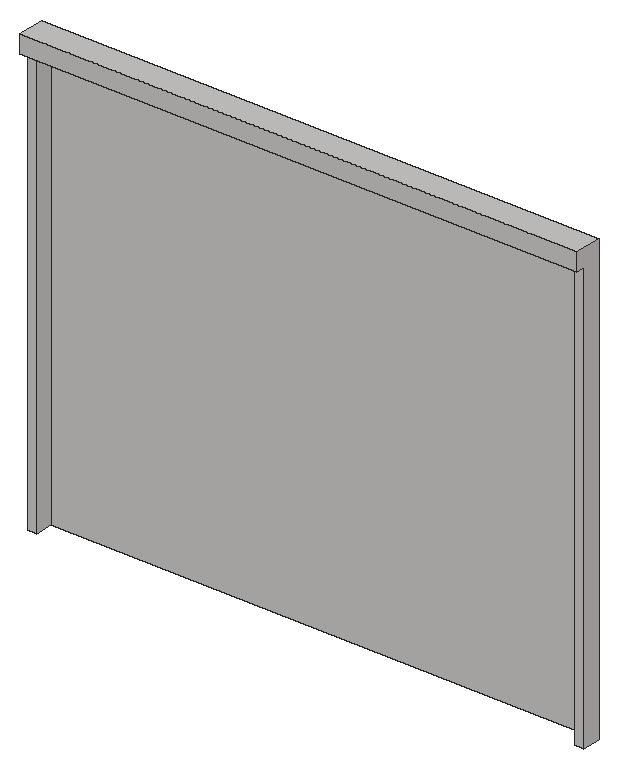
Revit family "RYN_DOR_RollerShutter_GS", category Doors, host Wall, Revit 2025
Family settings
  Host = Wall
  Always vertical = Yes
  Cut with Voids When Loaded = No
  Shared = No
  Room Calculation Point = No
Parameters (values of type "W3000 x H2450 mm")
  Type Comments = "RYN_DOR_RollerShutter_GS"
  Thickness = 25.00 mm
  RYN_Material_DoorLeaf = Door - Panel - GALV STEEL RS
  RYN_Material_DoorFrame = Door - Frame - GALV STEEL
  RYN_Door_Width = 3000.00 mm
  RYN_Door_TrimProjection.In = 100.00 mm
  RYN_Door_TrimProjection = 25.00 mm
  RYN_Door_PanelThickness = 25.00 mm
  RYN_Door_OpenArea = Width * Height  # 7.35 m²
  RYN_Door_Name = ""
  RYN_Door_Height = 2450.00 mm
  RYN_Door_FrameDepth = 50.00 mm
  HD L = 600.00 mm
  Function = Interior
  Height = RYN_Door_Height  # 2450.00 mm
  Wall Closure = By host
  Width = RYN_Door_Width  # 3000.00 mm
  Description = "Roller Shutter Door - Glavanized Steel.Acoustic"
  Define Thermal Properties by = Schematic Type
  Analytic Construction = "<None>"
Reference planes
  plane 1: y = 0
  plane 2: z = 0
  plane 3 "Center": x = 0
  plane 4 "Left": x = -1450
  plane 5 "Right": x = 1450
  plane 6 "Top": z = 2400
  plane 7: y = 76.2
  plane 8: z = 2450
  plane 9 "2": x = -1500
  plane 10 "3": x = 1500
  plane 11 "INT": y = -76.2
  plane 12: y = -63.7
  plane 13: y = -51.2
  plane 14 "4": x = -1550
  plane 15 "6": x = 1550
  plane 16: y = -176.2
  plane 17 "8": z = 2500
Forms (mm)
  Extrusion 1, solid, material "Door - Panel - GALV STEEL RS" <- "RYN_Material_DoorLeaf"
    sketch origin (-1524, 76.2, 0) x (-1, 0, 0) y (0, 0, 1)
      loop
        line (-3024, 2450) -> (-3024, 0) -> (-24, 0) -> (-24, 2450) -> (-3024, 2450)
    from -127.4 to -152.4
  Extrusion 2, solid, material "Door - Frame - GALV STEEL" <- "RYN_Material_DoorFrame"
    sketch origin (0, 0, 0) x (0, -1, 0) y (0, 0, -1)
      loop
        line (76.2, -2400) -> (76.2, -2500) -> (226.2, -2500) -> (226.2, -2400) -> (76.2, -2400)
    from -1550 to 1550
  Extrusion 3, solid, material "Door - Frame - GALV STEEL" <- "RYN_Material_DoorFrame"
    sketch origin (0, 0, 0) x (1, 0, 0) y (0, 1, 0)
      loop
        line (-1550, -176.2) -> (-1500, -176.2) -> (-1500, -76.2) -> (-1550, -76.2) -> (-1550, -176.2)
      loop
        line (1550, -76.2) -> (1500, -76.2) -> (1500, -176.2) -> (1550, -176.2) -> (1550, -76.2)
    from 0 to 2400
Cuts and joins
  joined: Extrusion 2, Extrusion 3
Lines and regions (mm)
  Opening 1
    outline origin (-2286, -76.2, 0) x (1, 0, 0) y (0, 0, 1)
      loop
        line (786, 0) -> (3786, 0) -> (3786, 2450) -> (786, 2450) -> (786, 0)
  symbolic lines, style "DoorsHiddenLines"
    curve 1: line (-1500, -76.2, 2450) -> (1500, -76.2, 2450)
    curve 2: line (-1550, -76.2, 0) -> (1550, -76.2, 0)
    curve 3: line (-1550, -676.2, 0) -> (-1550, -76.2, 0)
    curve 4: line (1550, -676.2, 0) -> (-1550, -676.2, 0)
    curve 5: line (1550, -76.2, 0) -> (1550, -676.2, 0)
Text (mm)
  text "Exterior" at (-1490.41, 796.892, 0), in view "Floor Line"
  text "Interior" at (-1482.03, -638.486, 0), in view "Floor Line"
  text "Exterior" at (0, 1019.848, 3124.603), in view "Right"
  text "Interior" at (0, -1635.541, 3124.603), in view "Right"
  text "Interior" at (0, -698.591, 2960.884), in view "Left"
  text "Exterior" at (0, 918.899, 2960.884), in view "Left"
Dimensions and locks
  Extrusion 1 to host wall = 152.40 mm
  "RYN_Door_Width": plane 9 "2" to plane 10 "3"
  equal spacing: plane 4 "Left", plane 3 "Center", plane 5 "Right"
  "RYN_Door_Height": level to plane 8
  "RYN_Door_FrameDepth": plane 6 "Top" to plane 8
  "RYN_Door_FrameDepth": plane 5 "Right" to plane 10 "3"
  "RYN_Door_FrameDepth": plane 9 "2" to plane 4 "Left"
  locked: Extrusion 2 sketch curve to Extrusion 2 sketch curve at 100
  equal spacing: plane 11 "INT", plane 12, plane 13
  "RYN_Door_PanelThickness": plane 11 "INT" to plane 13
  locked: Extrusion 2 sketch curve to Extrusion 2 sketch curve at 150
  plane 8 to plane 6 "Top" = 50.00 mm
  "RYN_Door_FrameDepth": plane 9 "2" to plane 14 "4"
  "RYN_Door_FrameDepth": plane 15 "6" to plane 10 "3"
  "RYN_Door_TrimProjection.In": plane 16 to plane 11 "INT"
  "RYN_Door_FrameDepth": plane 17 "8" to plane 8
  "HD L": curve 4 to curve 2
  aligned and locked: Opening 1 sketch curve to level
  aligned and locked: host wall to plane 7
  aligned and locked: level to plane 2
  aligned and locked: plane 8 to Opening 1 sketch curve
  aligned and locked: plane 11 "INT" to host wall
  aligned and locked: Extrusion 1 sketch curve to plane 9 "2"
  aligned and locked: plane 10 "3" to Extrusion 1 sketch curve
  aligned and locked: Extrusion 1 sketch curve to plane 8
  aligned and locked: plane 11 "INT" to Extrusion 1
  aligned and locked: Extrusion 1 to plane 13
  aligned and locked: Extrusion 2 to host wall
  aligned and locked: plane 6 "Top" to Extrusion 2
  aligned and locked: plane 15 "6" to Extrusion 2
  aligned and locked: Extrusion 2 to plane 14 "4"
  aligned and locked: plane 16 to Extrusion 3 sketch curve  (x2)
  aligned and locked: Extrusion 3 sketch curve to plane 14 "4"
  aligned and locked: Extrusion 3 sketch curve to Extrusion 1
  aligned and locked: Extrusion 3 sketch curve to host wall  (x2)
  aligned and locked: plane 15 "6" to Extrusion 3 sketch curve
  aligned and locked: plane 10 "3" to Extrusion 3 sketch curve
  aligned and locked: Extrusion 3 to plane 6 "Top"
  aligned and locked: plane 8 to curve 1
  aligned and locked: plane 10 "3" to curve 1
  aligned and locked: plane 9 "2" to curve 1
  aligned and locked: curve 2 to cut or joined group of Extrusion 2, Extrusion 3
  aligned and locked: curve 3 to cut or joined group of Extrusion 2, Extrusion 3
  aligned and locked: curve 5 to plane 15 "6"
Automatic sketch dimensions
  Opening 1 sketch curve to plane 9 "2" = 0.00 mm
  Opening 1 sketch curve to plane 10 "3" = 0.00 mm
  Extrusion 1 sketch curve to level = 0.00 mm
  Extrusion 2 sketch curve to host wall = 0.00 mm
  plane 6 "Top" to Extrusion 2 sketch curve = 0.00 mm
